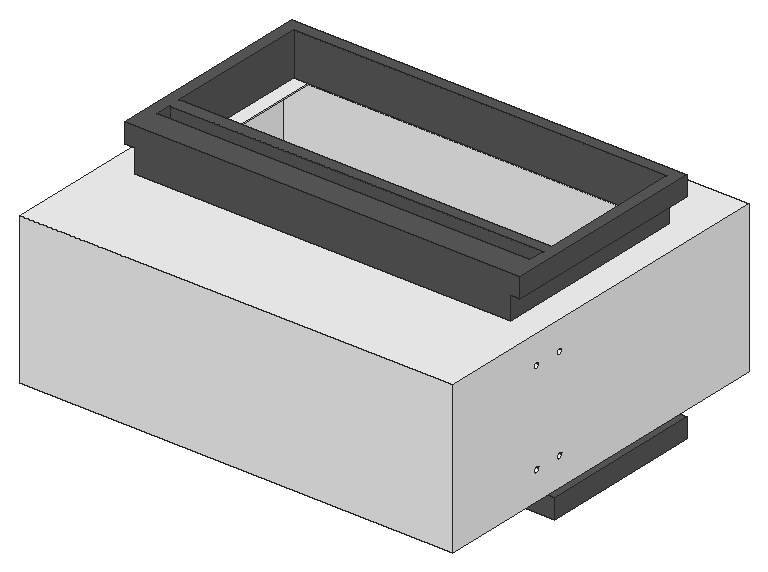
Revit family "C Series - C420STIO - Front Intake", category Generic Models, host Face, Revit 2019
Family settings
  Host = Face
  Can host rebar = No
  Round Connector Dimension = Use Diameter
  Part Type = Normal
  Cut with Voids When Loaded = Yes
  Shared = Yes
  Room Calculation Point = No
Parameters (values of type "As Specified")
  URL = "https://www.montigo.com/"
  Top Offset Right = 0"
  Top Offset Left = 0"
  Manufacturer Website = "https://www.montigo.com/"
  Manufacturer Phone - Toll Free = "800-378-3115"
  Manufacturer Phone = ""
  Manufacturer Fax = ""
  Manufacturer Address = "27342 Gloucester Way  Langley, BC, Canada   V4W 4A1"
  Manufacturer = "Montigo"
  Length = 60 3/16"
  Intake Duct Offset = 6"
  Height = 51 113/256"
  HVAC_Exit Diameter = 8"
  HVAC_Entry Diameter = 7"
  HVAC_BTU Output = 0.0 Btu/h
  HVAC_BTU Input = 0.0 Btu/h
  Glazing Tint = Glass - Montigo - Tint as Specified
  Frame Material = Metal - Montigo - Black
  Firebox Material = Metal - Montigo - White
  Fire Place Opening Length = 43"
  Fire Place Opening = 29"
  Description = "Montigo Fireplace as Specified"
  Depth = 20 225/256"
  Default Elevation = 48"
  COOLPack Consumption = 1200 CFM
  Base Offset Right = 9"
  Base Offset Left = 9"
  Base Offset = 1"
  Base Height = 15"
  Assembly Code = "D3020"
Reference planes (in)
  plane 1 "Center (Front/Back)": y = 0
  plane 2: z = 0
  plane 3 "Center (Left/Right)": x = 0
  plane 4: x = -30.09375
  plane 5: x = 30.09375
  plane 6: y = 25.7207
  plane 7: y = -25.7207
  plane 8: y = -10.7207
  plane 9: z = 0
  plane 10: z = -20.87891
  plane 11: z = -10.43945
  plane 12: x = -27.5
  plane 13: x = 27.5
  plane 14: y = 18.2793
Forms (in)
  Extrusion 1, solid, material "Metal - Montigo - White" <- "Firebox Material"
    sketch origin (-60.41868, -180, 0) x (-1, 0, 0) y (0, -1, 0)
      loop
        line (-30.32493, -205.7207) -> (-30.32493, -154.2793) -> (-90.51243, -154.2793) -> (-90.51243, -205.7207) -> (-30.32493, -205.7207)
    from 0 to -20.87891
  Extrusion 2, solid, material "Metal - Montigo - Black" <- "Frame Material"
    sketch origin (-60.41868, -180, 0) x (-1, 0, 0) y (0, -1, 0)
      loop
        line (-32.91868, -198.2793) -> (-32.91868, -169.2793) -> (-87.91868, -169.2793) -> (-87.91868, -198.2793) -> (-32.91868, -198.2793)
    from 0 to 6
  Sweep 3, void
    path in 3D
      loop
        line (27.5, -10.7207, 6) -> (27.5, 18.2793, 6) -> (-27.5, 18.2793, 6) -> (-27.5, -10.7207, 6)
    profile origin (27.5, 3.7793, 6) x (-1, 0, 0) y (0, 0, 1)
      loop
        line (0, -6) -> (1.375, -6) -> (1.375, -2.75) -> (0, -2.75) -> (0, -6)
  Extrusion 4, void
    sketch origin (-60.41868, -180, 0) x (0, -1, 0) y (-1, 0, 0)
      loop
        line (-196.7168, -32.91868) -> (-196.7168, -87.91868) -> (-176.7168, -87.91868) -> (-176.7168, -32.91868) -> (-196.7168, -32.91868)
    from 0.125 to 20.75
  Extrusion 5, void
    sketch origin (-60.41868, -180, 0) x (0, -1, 0) y (-1, 0, 0)
      loop
        line (-196.7168, -34.41868) -> (-196.7168, -86.41868) -> (-176.7168, -86.41868) -> (-176.7168, -34.41868) -> (-196.7168, -34.41868)
    from -6 to 0
  Extrusion 6, void
    sketch origin (-60.41868, -180, 0) x (0, -1, 0) y (-1, 0, 0)
      loop
        line (-196.7168, -36.41868) -> (-196.7168, -84.41868) -> (-176.7168, -84.41868) -> (-176.7168, -36.41868) -> (-196.7168, -36.41868)
    from -1 to 1
  Extrusion 7, void
    sketch origin (-60.41868, -180, 0) x (0, -1, 0) y (-1, 0, 0)
      loop
        line (-175.2168, -34.41868) -> (-175.2168, -86.41868) -> (-172.8418, -86.41868) -> (-172.8418, -34.41868) -> (-175.2168, -34.41868)
    from -6 to -3.25
  Extrusion 8, void
    sketch origin (0, -1.69589, -0.88973) x (0, 1, 0) y (0, 0, 1)
      loop
        circle (-9.46231, -16.05168) r 0.4375
      loop
        circle (-5.46231, -16.05168) r 0.4375
      loop
        circle (-9.46231, -3.05168) r 0.4375
      loop
        circle (-5.46231, -3.05168) r 0.4375
    from 30.09375 to 29.46962
  Extrusion 9, solid, material "Metal - Montigo - Black" <- "Frame Material"
    sketch origin (-60.41868, -180, -20.87891) x (0, 1, 0) y (1, 0, 0)
      loop
        line (198.2793, 32.91868) -> (198.2793, 87.91868) -> (175.2793, 87.91868) -> (175.2793, 32.91868) -> (198.2793, 32.91868)
    from 0 to 6
  Sweep 10, void
    path in 3D
      loop
        line (27.5, -10.7207, -26.87891) -> (27.5, 18.2793, -26.87891) -> (-27.5, 18.2793, -26.87891) -> (-27.5, -10.7207, -26.87891)
    profile origin (27.5, 3.7793, -26.87891) x (1, 0, 0) y (0, 0, -1)
      loop
        line (0, -6) -> (0, -2.75) -> (-1.375, -2.75) -> (-1.375, -6) -> (0, -6)
  Extrusion 11, void
    sketch origin (-60.41868, -180, -20.87891) x (1, 0, 0) y (0, 1, 0)
      loop
        line (34.41868, 196.7168) -> (34.41868, 176.7168) -> (86.41868, 176.7168) -> (86.41868, 196.7168) -> (34.41868, 196.7168)
    from -6 to 0
  Extrusion 12, void
    sketch origin (-60.41868, -180, -20.87891) x (1, 0, 0) y (0, 1, 0)
      loop
        line (36.41868, 196.7168) -> (36.41868, 176.7168) -> (84.41868, 176.7168) -> (84.41868, 196.7168) -> (36.41868, 196.7168)
    from -1 to 1
Cuts and joins
  Sweep 3, Extrusion 4, Extrusion 5, Extrusion 7, Sweep 10, Extrusion 11, Extrusion 12 cuts Extrusion 2
  Extrusion 4, Extrusion 5, Extrusion 6, Extrusion 7, Extrusion 8, Sweep 10, Extrusion 11, Extrusion 12 cuts Extrusion 1
  Sweep 10, Extrusion 11 cuts Extrusion 9
Lines and regions (in)
  symbolic lines
    curve 1: line (26.125, 53.21644, 0) -> (26.125, 49.96644, 0)
    curve 2: line (26.125, 49.96644, 0) -> (27.5, 49.96644, 0)
    curve 6: line (-26, -7.1582, 0) -> (26, -7.1582, 0)
    curve 7: line (26, -4.7832, 0) -> (-26, -4.7832, 0)
    curve 8: line (-26, -4.7832, 0) -> (-26, -7.1582, 0)
    curve 9: line (26, -4.7832, 0) -> (26, -7.1582, 0)
    curve 10: line (26, 16.7168, 0) -> (26, -3.2832, 0)
    curve 11: line (-26, -3.2832, 0) -> (-26, 16.7168, 0)
  sketch lines
    curve 3: line (27.5, -10.7207, 6) -> (27.5, 18.2793, 6)
    curve 4: line (27.5, 18.2793, 6) -> (-27.5, 18.2793, 6)
    curve 5: line (-27.5, 18.2793, 6) -> (-27.5, -10.7207, 6)
    curve 12: line (27.5, -10.7207, -26.87891) -> (27.5, 18.2793, -26.87891)
    curve 13: line (27.5, 18.2793, -26.87891) -> (-27.5, 18.2793, -26.87891)
    curve 14: line (-27.5, 18.2793, -26.87891) -> (-27.5, -10.7207, -26.87891)
Dimensions and locks (in)
  equal spacing: plane 4, plane 3 "Center (Left/Right)", plane 5
  "Length": plane 4 to plane 5
  equal spacing: plane 7, plane 1 "Center (Front/Back)", plane 6
  "Height": plane 7 to plane 6
  "Base Height": plane 7 to plane 8
  "Depth": plane 9 to plane 10
  equal spacing: plane 9, plane 11, plane 10
  locked: plane 4 to plane 12 at 2.59375
  locked: plane 13 to plane 5 at 2.59375
  "Fire Place Opening": plane 8 to plane 14
  locked: Extrusion 4 sketch curve to plane 8 at 7.4375
  locked: Extrusion 4 sketch curve to plane 14 at 1.5625
  locked: plane 8 to cut or joined group 1 (Extrusion 1, Extrusion 4, Extrusion 5, Extrusion 6, Extrusion 7, Extrusion 8, Sweep 10, Extrusion 11, Extrusion 12) at 7.4375
  locked: cut or joined group 1 to plane 14 at 1.5625
  locked: plane 12 to Extrusion 5 sketch curve at 1.5
  locked: Extrusion 5 sketch curve to plane 13 at 1.5
  locked: plane 12 to Extrusion 6 sketch curve at 3.5
  locked: Extrusion 6 sketch curve to plane 13 at 3.5
  locked: Extrusion 6 sketch curve to plane 14 at 1.5625
  locked: Extrusion 6 sketch curve to plane 8 at 7.4375
  locked: plane 12 to Extrusion 7 sketch curve at 1.5
  locked: Extrusion 7 sketch curve to plane 13 at 1.5
  locked: plane 8 to Extrusion 7 sketch curve at 5.9375
  locked: plane 8 to Extrusion 7 sketch curve at 3.5625
  locked: cut or joined group 1 to plane 5 at 0.62413
  aligned and locked: plane 2 to host face
  aligned and locked: level to host face
  aligned and locked: plane 6 to Extrusion 1 sketch curve
  aligned and locked: Extrusion 1 to plane 10
  aligned and locked: plane 5 to Extrusion 1
  aligned and locked: Extrusion 1 sketch curve to plane 7
  aligned and locked: plane 9 to level
  aligned and locked: plane 14 to Extrusion 2 sketch curve
  aligned and locked: plane 12 to Extrusion 2 sketch curve
  aligned and locked: Extrusion 2 sketch curve to plane 8
  aligned and locked: plane 13 to Extrusion 2 sketch curve
  aligned and locked: Extrusion 2 to level
  aligned and locked: plane 12 to Extrusion 4 sketch curve
  aligned and locked: plane 13 to Extrusion 4 sketch curve
  aligned and locked: Extrusion 2 to Extrusion 5
  aligned and locked: Extrusion 5 to level
  aligned and locked: Extrusion 2 to Extrusion 7
  aligned and locked: Extrusion 7 to Sweep 3
  aligned and locked: Extrusion 8 to cut or joined group 1
Automatic sketch dimensions
  host sketch curve to host sketch curve = 96"  (x2)
  Extrusion 1 sketch curve to plane 5 = 0"
  Extrusion 1 sketch curve to plane 4 = 0"
  curve 2 to plane 13 = 0"
  plane 13 to curve 2 = 1 3/8"
  plane 13 to curve 6 = 1 1/2"
  plane 12 to curve 8 = 1 1/2"
  curve 2 to plane 6 = 24.24574"
  plane 1 "Center (Front/Back)" to curve 7 = 4.7832"
  curve 7 to curve 8 = 2 3/8"
  plane 13 to curve 10 = 1 1/2"
  curve 11 to curve 7 = 0"
  curve 1 to curve 1 = 3 1/4"
  plane 14 to curve 10 = 1 9/16"
  plane 14 to curve 11 = 1 9/16"
  curve 11 to curve 7 = 1 1/2"
  curve 10 to curve 7 = 1 1/2"
  Sweep 3 sketch curve to profile plane = 0"
  Sweep 3 sketch curve to profile plane = 1 3/8"
  Sweep 3 sketch curve to profile plane = 6"
  Sweep 3 sketch curve to profile plane = 2 3/4"
  plane 14 to Extrusion 5 sketch curve = 1 9/16"
  plane 1 "Center (Front/Back)" to Extrusion 5 sketch curve = 3.2832"
  plane 8 to Extrusion 8 sketch curve = 7/16"  (x2)
  Extrusion 8 sketch curve to plane 8 = 3 9/16"  (x2)
  plane 10 to Extrusion 8 sketch curve = 3 15/16"  (x2)
  Extrusion 8 sketch curve to level = 3 241/256"  (x2)
  Extrusion 9 sketch curve to plane 12 = 0"
  Extrusion 9 sketch curve to plane 13 = 0"
  plane 14 to Extrusion 9 sketch curve = 0"
  plane 1 "Center (Front/Back)" to Extrusion 9 sketch curve = 4.7207"
  profile plane to Sweep 10 sketch curve = 0"
  Sweep 10 sketch curve to Sweep 10 sketch curve = 1 3/8"
  Sweep 10 sketch curve to profile plane = 6"
  Sweep 10 sketch curve to profile plane = 2 3/4"
  plane 12 to Extrusion 11 sketch curve = 1 1/2"
  plane 13 to Extrusion 11 sketch curve = 1 1/2"
  plane 1 "Center (Front/Back)" to Extrusion 11 sketch curve = 3.2832"
  plane 14 to Extrusion 11 sketch curve = 1 9/16"
  plane 12 to Extrusion 12 sketch curve = 3 1/2"
  plane 13 to Extrusion 12 sketch curve = 3 1/2"
  plane 1 "Center (Front/Back)" to Extrusion 12 sketch curve = 3.2832"
  plane 14 to Extrusion 12 sketch curve = 1 9/16"
  radius of Extrusion 8 sketch curve = 7/16"  (x4)
